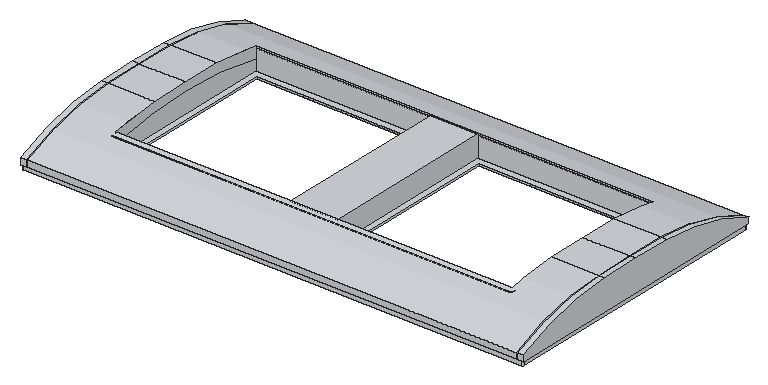
Revit family "Gira_0212753", category Electrical Fixtures, host Face, Revit 2017
Family settings
  Host = Face
  Maintain Annotation Orientation = No
  Round Connector Dimension = Use Diameter
  Part Type = Normal
  Cut with Voids When Loaded = No
  Shared = No
  Room Calculation Point = No
Parameters (values of type "Cov.fr. 2-g interm.fr. PW Gira Event Clear aubergine")
  With mounting grid = "No"
  With hinged lid = "No"
  URL = "http://katalog.gira.de/en/datenblatt.html?artikelnr=0212753"
  Type of fastening = "Clamp mounting"
  Transparent = "No"
  Surface protection = "Other"
  Surface finishing = "Glossy"
  Suitable for wall duct = "No"
  Suitable for flush-mounted installation = "Yes"
  Suitable for floor box = "No"
  Suitable for built-in installation = "No"
  Number of units vertical = "2"
  Number of units horizontal = "2"
  Number of units = "2"
  Name = "Cov.fr. 2-g interm.fr. PW Gira Event Clear aubergine"
  Mounting direction = "Horizontal and vertical"
  Material quality = "Thermoplastic"
  Material = "Plastic"
  Manufacturer URL = "https://www.gira.de/"
  Manufacturer = "Gira"
  Label space/information surface = "No"
  Keynote = ""
  HeinzeBIM = "https://bimportal.heinze.de/bim/cov-fr-2-g-interm-fr-pw-gira-event-clear-aubergine/2806747de0918308d118581b48bd28f0e1254256"
  Halogen free = "Yes"
  HAN = "0212753"
  GTIN = "4010337069133"
  Description = "Cov.fr.2g i.fr.PW EvCl AU,Gira Event Clear cover frame,aubergine with pure white glossy intermediate frame,2-gang,Features:,- Shatter-proof."
  Degree of protection (IP) = "IP20"
  Default Elevation = 1219.2 mm
  Data sheet (1) = "https://katalog.gira.de/en/download.html?artikelnr=0212753"
  Colour = "Other"
  Category = "Cover frame for domestic switching devices"
  BIM (1) = "https://media.stage.bim.site/public/gira/36a6b08/Event_Rahmen_2fach.rfa"
  Available = "No"
Reference planes
  plane 1 "Center (Front/Back)": y = 0
  plane 2: z = 0
  plane 3 "Center (Left/Right)": x = 0
Forms (mm)
  Extrusion 1, solid, detail levels fine
    sketch origin (0, 0, 0.05) x (0, 1, 0) y (0, 0, 1)
      loop
        arc (12.445, 9.683) -> (6.223, 9.833) -> (0, 9.85) r 291.636
        arc (0, 9.85) -> (-6.223, 9.833) -> (-12.445, 9.683) r 291.636
        arc (-12.445, 9.683) -> (-29.14, 7.482) -> (-45, 1.823) r 79.728
        line (-45, 1.823) -> (-45, -0.05) -> (-42.086, -0.05)
        arc (-42.086, -0.05) -> (-21.385, 5.559) -> (0, 7.206) r 114.424
        arc (0, 7.206) -> (21.385, 5.559) -> (42.086, -0.05) r 114.424
        line (42.086, -0.05) -> (45, -0.05) -> (45, 1.823)
        arc (45, 1.823) -> (29.14, 7.482) -> (12.445, 9.683) r 79.728
    from -78.55 to 78.55
  Extrusion 2, void, detail levels fine
    sketch origin (0, 0, 0) x (1, 0, 0) y (0, 1, 0)
      loop
        line (-63.55, -27.937) -> (63.55, -27.937) -> (63.55, 28.063) -> (-63.55, 28.063) -> (-63.55, -27.937)
    from 0.724 to 11
  Extrusion 3, solid, detail levels coarse
    sketch origin (0, 0, 0) x (1, 0, 0) y (0, 1, 0)
      loop
        line (-80.55, 45) -> (-80.55, -45) -> (80.55, -45) -> (80.55, 45) -> (-80.55, 45)
    from -1.5 to 9.9
  Extrusion 4, solid, detail levels medium
    sketch origin (0, 0, 0.05) x (0, 1, 0) y (0, 0, 1)
      loop
        arc (12.445, 9.683) -> (6.223, 9.833) -> (0, 9.85) r 291.636
        arc (0, 9.85) -> (-6.223, 9.833) -> (-12.445, 9.683) r 291.636
        arc (-12.445, 9.683) -> (-29.14, 7.482) -> (-45, 1.823) r 79.728
        line (-45, 1.823) -> (-45, -0.05) -> (45, -0.05) -> (45, 1.823)
        arc (45, 1.823) -> (29.14, 7.482) -> (12.445, 9.683) r 79.728
    from -80.55 to 80.55
  Extrusion 5, solid, detail levels fine
    sketch origin (-35.55, 0, -1.5) x (0, 1, 0) y (0, 0, -1)
      loop
        line (45, -3.373) -> (45, -1.5) -> (-45, -1.5) -> (-45, -3.373)
        arc (-45, -3.373) -> (-29.14, -9.032) -> (-12.445, -11.233) r 79.728
        arc (-12.445, -11.233) -> (-6.223, -11.383) -> (0, -11.4) r 291.636
        arc (0, -11.4) -> (6.223, -11.383) -> (12.445, -11.233) r 291.636
        arc (12.445, -11.233) -> (29.14, -9.032) -> (45, -3.373) r 79.728
    from 43 to 45
  Extrusion 6, solid, detail levels fine
    sketch origin (0, 0, 0) x (1, 0, 0) y (0, 1, 0)
      loop
        line (-61.45, 25.7) -> (-61.45, -25.7) -> (-9.65, -25.7) -> (-9.65, 25.7) -> (-61.45, 25.7)
      loop
        line (61.45, -25.7) -> (61.45, 25.7) -> (9.65, 25.7) -> (9.65, -25.7) -> (61.45, -25.7)
      loop
        line (-64.445, 28.49) -> (-64.445, -28.495)
        spline (-64.445, -28.495) -> (-64.436, -28.625) -> (-64.411, -28.754) -> (-64.369, -28.878) -> (-64.311, -28.995) -> (-64.238, -29.104) -> (-64.152, -29.202) -> (-64.054, -29.288) -> (-63.945, -29.361) -> (-63.828, -29.419) -> (-63.704, -29.461) -> (-63.575, -29.486) -> (-63.445, -29.495)
        line (-63.445, -29.495) -> (63.445, -29.495)
        spline (63.445, -29.495) -> (63.575, -29.486) -> (63.704, -29.461) -> (63.828, -29.419) -> (63.945, -29.361) -> (64.054, -29.288) -> (64.152, -29.202) -> (64.238, -29.104) -> (64.311, -28.995) -> (64.369, -28.878) -> (64.411, -28.754) -> (64.436, -28.625) -> (64.445, -28.495)
        line (64.445, -28.495) -> (64.445, 28.49)
        spline (64.445, 28.49) -> (64.436, 28.62) -> (64.411, 28.748) -> (64.369, 28.872) -> (64.311, 28.99) -> (64.238, 29.098) -> (64.152, 29.197) -> (64.054, 29.283) -> (63.945, 29.356) -> (63.828, 29.413) -> (63.704, 29.456) -> (63.575, 29.481) -> (63.445, 29.49)
        line (63.445, 29.49) -> (-63.445, 29.49)
        spline (-63.445, 29.49) -> (-63.575, 29.481) -> (-63.704, 29.456) -> (-63.828, 29.413) -> (-63.945, 29.356) -> (-64.054, 29.283) -> (-64.152, 29.197) -> (-64.238, 29.098) -> (-64.311, 28.99) -> (-64.369, 28.872) -> (-64.411, 28.748) -> (-64.436, 28.62) -> (-64.445, 28.49)
    from 0.1 to 7.3
  Extrusion 7, solid
    sketch origin (0, 0, 0) x (1, 0, 0) y (0, 1, 0)
      loop
        arc (-80.25, -44.2) -> (-80.104, -44.554) -> (-79.75, -44.7) r 0.5
        line (-79.75, -44.7) -> (79.75, -44.7)
        arc (79.75, -44.7) -> (80.104, -44.554) -> (80.25, -44.2) r 0.5
        line (80.25, -44.2) -> (80.25, 44.2)
        arc (80.25, 44.2) -> (80.104, 44.554) -> (79.75, 44.7) r 0.5
        line (79.75, 44.7) -> (-79.75, 44.7)
        arc (-79.75, 44.7) -> (-80.104, 44.554) -> (-80.25, 44.2) r 0.5
        line (-80.25, 44.2) -> (-80.25, -44.2)
      loop
        line (-78.55, 43) -> (-78.55, -43) -> (78.55, -43) -> (78.55, 43) -> (-78.55, 43)
    from -1.5 to 0.5
  Extrusion 8, solid, detail levels fine
    sketch origin (35.55, 0, -1.5) x (0, 1, 0) y (0, 0, 1)
      loop
        arc (45, 3.373) -> (29.14, 9.032) -> (12.445, 11.233) r 79.728
        arc (12.445, 11.233) -> (6.223, 11.383) -> (0, 11.4) r 291.636
        arc (0, 11.4) -> (-6.223, 11.383) -> (-12.445, 11.233) r 291.636
        arc (-12.445, 11.233) -> (-29.14, 9.032) -> (-45, 3.373) r 79.728
        line (-45, 3.373) -> (-45, 1.5) -> (45, 1.5) -> (45, 3.373)
    from 43 to 45
  Extrusion 9, solid, detail levels medium
    sketch origin (0, 0, 0) x (1, 0, 0) y (0, 1, 0)
      loop
        line (-80.25, -44.7) -> (80.25, -44.7) -> (80.25, 44.7) -> (-80.25, 44.7) -> (-80.25, -44.7)
    from -1.5 to 0.5
  Extrusion 10, solid, detail levels fine
    sketch origin (0, 0, 0) x (1, 0, 0) y (0, 1, 0)
      loop
        line (-7.55, 28.063) -> (-7.55, -27.937) -> (7.55, -27.937) -> (7.55, 28.063) -> (-7.55, 28.063)
    from 0.724 to 7.566
Cuts and joins
  Extrusion 2 cuts Extrusion 1
  Extrusion 2 cuts Extrusion 6
Dimensions and locks
  aligned and locked: plane 2 to host face
  aligned and locked: level to host face
